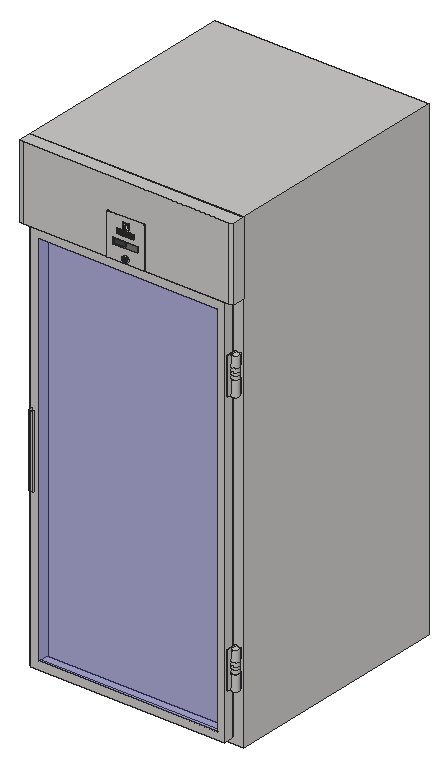
Revit family "QF_ELECTROLUXPROFESSIONAL_725102_RI16R1G", category Specialty Equipment, Revit 2018
Family settings
  Round Connector Dimension = Use Diameter
  Part Type = Normal
  Work Plane-Based = No
  Always vertical = Yes
  Cut with Voids When Loaded = No
  Shared = No
  Room Calculation Point = No
Parameters (values of type "Standard")
  Weight = 220.00 kg
  Watts = 0 W
  Volts = 220 V
  URL Manufacturer = "http://professional.electrolux.com"
  URL = "http://professional.electrolux.com"
  Steam Supply Size = 0 mm
  Steam Supply Minimum Pressure = 0.0 Pa
  Steam Supply Maximum Pressure = 0.0 Pa
  Steam Pounds per Hour = 0
  Refrigeration Suction Line Size = 0 mm
  Refrigeration Liquid Line Size = 0 mm
  Refrigerant Compressor Remote = yes
  Manufacturer = "Electrolux Professional"
  Phase = 1
  Model = "RI16R1G"
  Length Actual = 1021 mm  # constant formula
  Item Number = "725102"
  Hot Water Size = 0 mm
  Height Actual = 2273 mm  # constant formula
  HP = "0.8 HP"
  Gas Size = 0 mm
  Gas KW = 0
  Gas Input Pressure = 0 W
  Direct Waste Size = 0 mm
  Description = "1-GLASS DOOR ROLL-IN REFRIGERATOR 1600 LT+2°C R290"
  Depth Actual = 1175 mm  # constant formula
  Cycle = 50 Hz
  Condensate Return Size = 0 mm
  Compressed Air Volume = 0.0 L/s
  Compressed Air Size = 0 mm
  Compressed Air Pressure = 0.0 Pa
  Cold Water Size = 0 mm
  Accessory = yes
Types (2, lengths in mm): name | URL | Manufacturer | Phase | Model | Description
  (no name) | 0 | 0 | 0 | 0 | 0
  Standard | "http://professional.electrolux.com" | "Electrolux Professional" | 1 | "RI16R1G" | "1-GLASS DOOR ROLL-IN REFRIGERATOR 1600 LT+2°C R290"
Values of the unnamed type that differ from the named types
  Volts = 0 V
  URL Manufacturer = ""
  Item Number = ""
  Cycle = 0 Hz
Reference planes
  plane 1 "Center (Front/Back)": y = 0
  plane 2: z = 0
  plane 3 "Center (Left/Right)": x = 0
  plane 4 "TOP": z = 2273
  plane 5 "FRONT": y = -587.5
  plane 6 "BACK": y = 587.5
  plane 7 "LEFT": x = -510.5
  plane 8 "RIGHT": x = 510.5
  plane 9 "ROy": y = -397.5
  plane 10 "RIy": y = -393.5
  plane 11 "ROx": x = 394.5
  plane 12 "RIx": x = 332.5
  plane 13 "ROz": z = 2054
Forms (mm)
  Extrusion 1, solid, material "QF_Finishes_Stainless Steel"
    sketch origin (0, 0, 0) x (1, 0, 0) y (0, 1, 0)
      loop
        line (-510.5, 587.5) -> (-510.5, -515.5) -> (510.5, -515.5) -> (510.5, 587.5) -> (-510.5, 587.5)
    from 0 to 2273
  Extrusion 2, solid
    sketch origin (0, 587.5, 1872) x (-1, 0, 0) y (0, 0, 1)
      loop
        circle (494.5, 306) r 10
    from 0 to 3.2
  Extrusion 3, solid, material "QF_Clearances", detail levels coarse
    sketch origin (0, 0, 0) x (1, 0, 0) y (0, 1, 0)
      loop
        line (-510.5, -587.5) -> (-510.5, 587.5) -> (510.5, 587.5) -> (510.5, -587.5) -> (560.5, -587.5) -> (560.5, 637.5) -> (-560.5, 637.5) -> (-560.5, -587.5) -> (-510.5, -587.5)
    from 0 to 2273
  Extrusion 4, solid, material "QF_Clearances", detail levels coarse
    sketch origin (0, 0, 2273) x (-1, 0, 0) y (0, -1, 0)
      loop
        line (560.5, -637.5) -> (560.5, 587.5) -> (-560.5, 587.5) -> (-560.5, -637.5) -> (560.5, -637.5)
    from 0 to 500
  Extrusion 5, void
    sketch origin (0, 587.5, 0) x (-1, 0, 0) y (0, 0, 1)
      loop
        line (450.5, 1865) -> (-450.5, 1865) -> (-450.5, 5) -> (450.5, 5) -> (450.5, 1865)
    from -59 to -1084
  Extrusion 6, void
    sketch origin (0, -587.5, 0) x (-1, 0, 0) y (0, 0, 1)
      loop
        circle (493.5, 1667.453) r 6
      loop
        circle (493.5, 1647.453) r 6
      loop
        circle (493.5, 1545.547) r 6
      loop
        circle (493.5, 1525.547) r 6
      loop
        circle (493.5, 407.816) r 6
      loop
        circle (493.5, 387.816) r 6
      loop
        circle (493.5, 285.911) r 6
      loop
        circle (493.5, 265.911) r 6
    from 80 to 72
Cuts and joins
  joined: Extrusion 3, Extrusion 4
  Extrusion 5, Extrusion 6 cuts Extrusion 1
Lines and regions (mm)
  symbolic lines, style "QF_Clearances", detail levels coarse
    curve 1: line (-510.5, -587.5, 2273) -> (-560.5, -587.5, 2273)
    curve 2: line (-560.5, -587.5, 2273) -> (-560.5, 637.5, 2273)
    curve 3: line (-560.5, 637.5, 2273) -> (560.5, 637.5, 2273)
    curve 4: line (560.5, 637.5, 2273) -> (560.5, -587.5, 2273)
    curve 5: line (560.5, -587.5, 2273) -> (510.5, -587.5, 2273)
Dimensions and locks
  plane 6 "BACK" to plane 1 "Center (Front/Back)" to plane 5 "FRONT" = 587.5 mm, 587.5 mm
  equal spacing: plane 7 "LEFT", plane 3 "Center (Left/Right)", plane 8 "RIGHT"
  plane 7 "LEFT" to plane 8 "RIGHT" = 1021 mm
  plane 6 "BACK" to plane 5 "FRONT" = 1175 mm
  plane 4 "TOP" to plane 2 = 2273 mm
  equal spacing: plane 8 "RIGHT", plane 3 "Center (Left/Right)", plane 7 "LEFT"
  cut or joined group of Extrusion 1, Extrusion 5, Extrusion 6 to cut or joined group of Extrusion 1, Extrusion 5, Extrusion 6 = 901 mm
  cut or joined group of Extrusion 1, Extrusion 5, Extrusion 6 to cut or joined group of Extrusion 1, Extrusion 5, Extrusion 6 = 1044 mm
  plane 6 "BACK" to plane 10 "RIy" = 981 mm
  plane 6 "BACK" to plane 9 "ROy" = 985 mm
  plane 12 "RIx" to plane 11 "ROx" = 62 mm
  cut or joined group of Extrusion 1, Extrusion 5, Extrusion 6 to plane 13 "ROz" = 219 mm
  cut or joined group of Extrusion 3, Extrusion 4 to plane 4 "TOP" = 500 mm
  nested 1 to cut or joined group of Extrusion 1, Extrusion 5, Extrusion 6 = 1156 mm
  cut or joined group of Extrusion 3, Extrusion 4 to cut or joined group of Extrusion 1, Extrusion 5, Extrusion 6 = 50 mm
  cut or joined group of Extrusion 3, Extrusion 4 to plane 7 "LEFT" = 50 mm
  cut or joined group of Extrusion 1, Extrusion 5, Extrusion 6 to cut or joined group of Extrusion 3, Extrusion 4 = 50 mm
  plane 4 "TOP" to plane 13 "ROz" = 219 mm
  plane 11 "ROx" to plane 8 "RIGHT" = 116 mm
  plane 8 "RIGHT" to plane 7 "LEFT" = 1021 mm
  plane 6 "BACK" to nested 1 = 2080 mm
  aligned and locked: level to plane 2
Automatic sketch dimensions
  plane 7 "LEFT" to Extrusion 2 sketch curve = 16 mm
  Extrusion 4 sketch curve to plane 5 "FRONT" = 0 mm
  Extrusion 4 sketch curve to plane 8 "RIGHT" = 50 mm
  Extrusion 4 sketch curve to plane 7 "LEFT" = 50 mm
  plane 6 "BACK" to Extrusion 4 sketch curve = 50 mm
  Extrusion 1 sketch curve to plane 7 "LEFT" = 0 mm
  Extrusion 1 sketch curve to plane 8 "RIGHT" = 0 mm
  Extrusion 1 sketch curve to plane 6 "BACK" = 0 mm
  plane 5 "FRONT" to Extrusion 1 sketch curve = 72 mm
  Extrusion 2 sketch curve to plane 4 "TOP" = 95 mm
  Extrusion 3 sketch curve to plane 5 "FRONT" = 0 mm  (x2)
  Extrusion 3 sketch curve to plane 7 "LEFT" = 0 mm
  Extrusion 3 sketch curve to plane 6 "BACK" = 0 mm
  Extrusion 3 sketch curve to plane 8 "RIGHT" = 0 mm
  Extrusion 3 sketch curve to plane 7 "LEFT" = 50 mm
  Extrusion 3 sketch curve to plane 8 "RIGHT" = 50 mm
  plane 6 "BACK" to Extrusion 3 sketch curve = 50 mm
  level to Extrusion 5 sketch curve = 5 mm
  plane 8 "RIGHT" to Extrusion 5 sketch curve = 60 mm
  plane 7 "LEFT" to Extrusion 5 sketch curve = 60 mm
  Extrusion 5 sketch curve to plane 4 "TOP" = 408 mm
  curve 4 to plane 5 "FRONT" = 0 mm
  curve 5 to plane 8 "RIGHT" = 0 mm
  curve 1 to plane 5 "FRONT" = 0 mm
  curve 1 to plane 7 "LEFT" = 0 mm
  curve 4 to plane 8 "RIGHT" = 50 mm
  curve 2 to plane 7 "LEFT" = 50 mm
  plane 6 "BACK" to curve 4 = 50 mm
  plane 7 "LEFT" to Extrusion 6 sketch curve = 17 mm  (x8)
  level to Extrusion 6 sketch curve = 265.911 mm
  Extrusion 6 sketch curve to Extrusion 6 sketch curve = 20 mm  (x4)
  Extrusion 6 sketch curve to Extrusion 6 sketch curve = 101.905 mm  (x2)
  Extrusion 6 sketch curve to plane 13 "ROz" = 528.453 mm
  radius of Extrusion 2 sketch curve = 10 mm
  radius of Extrusion 6 sketch curve = 6 mm  (x8)
Nested families
  nested 1: "QF_725102_Door" at (0, -515.5, 1129.637) x (1, 0, 0) z (0, -1, 0), type "QF_725102_Door"
    with Show Clearance yes
  nested 2: "Refrigerator" at (370, -442.5, 110), type "Refrigerator"
Connectors
  electrical at (-494.5, 590.7, 2178), driven by "Volts"
    settings: on Extrusion 2, index 2, voltage 220 V, apparent load 0 VA, apparent load phase1 0 VA, apparent load phase2 0 VA, apparent load phase3 0 VA, power factor 1, load classification "Other", number of poles 1, system type 30, power factor state 1, is connector primary yes, connector utility no, sub classification motor no, connector description "Electrical Connection"
Definition of nested family "QF_725102_Door"
  Parameters
    Show Clearance [instance] = yes
    Model = "725102"
    Default Elevation = 1219.2 mm
  Reference planes
    plane 1 "Center (Front/Back)": y = 6.863
    plane 2: z = 0
    plane 3 "Center (Left/Right)": x = 0
  Forms (mm)
    Extrusion 1, solid
      sketch origin (0, -919.2, 0) x (1, 0, 0) y (0, 1, 0)
        loop
          line (-1100, 2726.7) -> (-1100, -663.873) -> (1016.701, -663.873) -> (1016.701, 2726.7) -> (-1100, 2726.7)
      from 0 to -59.546
    Extrusion 2, solid
      sketch origin (0, 6.863, 0) x (1, 0, 0) y (0, 0, 1)
        loop
          line (-510.5, 60.667) -> (-510.5, 0) -> (510.5, 0) -> (510.5, 60.667) -> (490.5, 66) -> (-490.5, 66) -> (-510.5, 60.667)
      from -1136.5 to -786.5
    Extrusion 3, solid
      sketch origin (0, 6.863, 0) x (1, 0, 0) y (0, 0, 1)
        loop
          line (-459.5, 0) -> (457.5, 0) -> (457.5, 8) -> (461.5, 8) -> (461.5, 53) -> (-463.5, 53) -> (-463.5, 8) -> (-459.5, 8) -> (-459.5, 0)
      from -775 to 1105
    Extrusion 4, solid, detail levels coarse
      sketch origin (154.5, 1013.369, -334) x (-1, 0, 0) y (0, 0, -1)
        loop
          line (-365, -352) -> (-365, -1311) -> (-312, -1311) -> (-312, -400) -> (-351, -400) -> (-351, -352) -> (-365, -352)
      from 2110.506 to 232.142
    Extrusion 5, solid, detail levels coarse
      sketch origin (171.5, 1121.732, -334) x (1, 0, 0) y (0, 0, 1)
        loop
          arc (295, 1311) -> (-326.913, 1017.03) -> (-631, 400) r 1044.143
          line (-631, 400) -> (295, 400) -> (295, 1311)
      from 2219.869 to 339.869
    Extrusion 6, solid
      sketch origin (-4, 6.863, 0) x (1, 0, 0) y (0, 0, 1)
        loop
          line (465.5, 46) -> (465.5, 0) -> (474.5, 0) -> (474.5, 46) -> (465.5, 46)
      from -550 to -375
    Extrusion 7, solid
      sketch origin (-4, 6.863, -15.333) x (1, 0, 0) y (0, 0, 1)
        loop
          arc (501.5, 23.843) -> (491.5, 52.333) -> (481.5, 23.843) r 16
          line (481.5, 23.843) -> (481.5, 15.333) -> (501.5, 15.333) -> (501.5, 23.843)
      from -500 to -550
    Extrusion 8, solid
      sketch origin (451.167, 6.863, 512.5) x (0, 0, -1) y (1, 0, 0)
        loop
          arc (501.5, 23.843) -> (491.5, 52.333) -> (481.5, 23.843) r 16
          line (481.5, 23.843) -> (481.5, 19.333) -> (501.5, 19.333) -> (501.5, 23.843)
      from -482 to -500
    Extrusion 9, solid
      sketch origin (-4, 6.863, -15.333) x (1, 0, 0) y (0, 0, 1)
        loop
          arc (501.5, 23.843) -> (491.5, 52.333) -> (481.5, 23.843) r 16
          line (481.5, 23.843) -> (481.5, 15.333) -> (501.5, 15.333) -> (501.5, 23.843)
      from -445 to -375
    Extrusion 10, solid
      sketch origin (451.167, 6.863, 512.5) x (0, 0, -1) y (1, 0, 0)
        loop
          arc (501.5, 23.843) -> (491.5, 52.333) -> (481.5, 23.843) r 16
          line (481.5, 23.843) -> (481.5, 19.333) -> (501.5, 19.333) -> (501.5, 23.843)
      from -469 to -482
    Extrusion 11, solid
      sketch origin (451.167, 6.863, 512.5) x (0, 0, -1) y (1, 0, 0)
        loop
          arc (501.5, 23.843) -> (491.5, 52.333) -> (481.5, 23.843) r 16
          line (481.5, 23.843) -> (481.5, 19.333) -> (501.5, 19.333) -> (501.5, 23.843)
      from -451 to -469
    Extrusion 12, solid
      sketch origin (-4, 6.863, 0) x (1, 0, 0) y (0, 0, 1)
        loop
          circle (491.5, 21) r 12
      from -451 to -445
    Extrusion 13, solid
      sketch origin (-4, -1252.773, 0) x (1, 0, 0) y (0, 0, 1)
        loop
          line (465.5, 46) -> (465.5, 0) -> (474.5, 0) -> (474.5, 46) -> (465.5, 46)
      from -550 to -375
    Extrusion 14, solid
      sketch origin (-4, -1252.773, -15.333) x (1, 0, 0) y (0, 0, 1)
        loop
          arc (501.5, 23.843) -> (491.5, 52.333) -> (481.5, 23.843) r 16
          line (481.5, 23.843) -> (481.5, 15.333) -> (501.5, 15.333) -> (501.5, 23.843)
      from -500 to -550
    Extrusion 15, solid
      sketch origin (451.167, -1252.773, 512.5) x (0, 0, -1) y (1, 0, 0)
        loop
          arc (501.5, 23.843) -> (491.5, 52.333) -> (481.5, 23.843) r 16
          line (481.5, 23.843) -> (481.5, 19.333) -> (501.5, 19.333) -> (501.5, 23.843)
      from -482 to -500
    Extrusion 16, solid
      sketch origin (-4, -1252.773, -15.333) x (1, 0, 0) y (0, 0, 1)
        loop
          arc (501.5, 23.843) -> (491.5, 52.333) -> (481.5, 23.843) r 16
          line (481.5, 23.843) -> (481.5, 15.333) -> (501.5, 15.333) -> (501.5, 23.843)
      from -445 to -375
    Extrusion 17, solid
      sketch origin (451.167, -1252.773, 512.5) x (0, 0, -1) y (1, 0, 0)
        loop
          arc (501.5, 23.843) -> (491.5, 52.333) -> (481.5, 23.843) r 16
          line (481.5, 23.843) -> (481.5, 19.333) -> (501.5, 19.333) -> (501.5, 23.843)
      from -469 to -482
    Extrusion 18, solid
      sketch origin (451.167, -1252.773, 512.5) x (0, 0, -1) y (1, 0, 0)
        loop
          arc (501.5, 23.843) -> (491.5, 52.333) -> (481.5, 23.843) r 16
          line (481.5, 23.843) -> (481.5, 19.333) -> (501.5, 19.333) -> (501.5, 23.843)
      from -451 to -469
    Extrusion 19, solid
      sketch origin (-4, -1252.773, 0) x (1, 0, 0) y (0, 0, 1)
        loop
          circle (491.5, 21) r 12
      from -451 to -445
    Extrusion 20, void
      sketch origin (0, 0, 0) x (1, 0, 0) y (0, 1, 0)
        loop
          line (-428.5, 746.863) -> (-428.5, -1063.137) -> (426.5, -1063.137) -> (426.5, 746.863) -> (-428.5, 746.863)
      from 0 to 66
    Extrusion 21, solid
      sketch origin (0, 0, 0) x (1, 0, 0) y (0, 1, 0)
        loop
          line (-428.5, 746.863) -> (-428.5, -1063.137) -> (426.5, -1063.137) -> (426.5, 746.863) -> (-428.5, 746.863)
      from 53 to 43
    Extrusion 22, solid
      sketch origin (0, -36.965, 0) x (0, 1, 0) y (0, 0, 1)
        loop
          line (43.082, 67.001) -> (-300.013, 67.001) -> (-300.759, 65.401) -> (43.829, 65.401) -> (43.082, 67.001)
      from -463.5 to -443.177
    Extrusion 23, void
      sketch origin (0, -36.965, 0) x (0, 1, 0) y (0, 0, 1)
        loop
          line (61.535, 13.875) -> (61.535, 48.875) -> (51.535, 48.875) -> (43.082, 67.001) -> (-300.013, 67.001) -> (-308.465, 48.875) -> (-318.465, 48.875) -> (-318.465, 13.875) -> (61.535, 13.875)
      from -459.5 to -463.5
    Extrusion 24, solid
      sketch origin (0, -36.965, 0) x (0, 1, 0) y (0, 0, 1)
        loop
          line (51.535, 48.875) -> (43.082, 67.001) -> (-300.013, 67.001) -> (-308.465, 48.875) -> (-318.465, 48.875) -> (-318.465, 13.875) -> (61.535, 13.875) -> (61.535, 48.875) -> (51.535, 48.875)
        loop
          circle (-273.41, 32.257) r 5.995
        loop
          circle (-273.41, 32.257) r 5
        loop
          circle (11.59, 32.257) r 6
        loop
          circle (11.59, 32.257) r 5
      from -463.5 to -459.5
    Extrusion 25, solid
      sketch origin (0, 0, 0) x (1, 0, 0) y (0, 1, 0)
        loop
          circle (-493.5, -721.821) r 6
        loop
          circle (-493.5, -741.821) r 6
        loop
          circle (-493.5, -863.726) r 6
        loop
          circle (-493.5, -843.726) r 6
      from -4 to -8
    Extrusion 26, solid
      sketch origin (0, 1259.637, 0) x (1, 0, 0) y (0, 1, 0)
        loop
          circle (-493.5, -721.821) r 6
        loop
          circle (-493.5, -741.821) r 6
        loop
          circle (-493.5, -863.726) r 6
        loop
          circle (-493.5, -843.726) r 6
      from -4 to -8
  Cuts and joins
    Extrusion 20, Extrusion 23 cuts Extrusion 3
    Extrusion 20 cuts Extrusion 5
    Extrusion 23 cuts Extrusion 21
    Extrusion 23 cuts Extrusion 22
    joined: Extrusion 22, Extrusion 24
  Lines and regions (mm)
    symbolic lines
      curve 1: line (-510.5, 6.863, 0) -> (-510.5, 6.863, 60.667)
      curve 2: line (510.5, 6.863, 0) -> (-510.5, 6.863, 0)
      curve 3: line (519.5, 6.863, 18) -> (519.5, 6.863, 977)
      curve 4: line (510.5, 6.863, 18) -> (519.5, 6.863, 18)
      curve 5: line (-490.5, 6.863, 66) -> (-510.5, 6.863, 60.667)
      curve 6: line (490.5, 6.863, 66) -> (-490.5, 6.863, 66)
      curve 7: line (510.5, 6.863, 60.667) -> (490.5, 6.863, 66)
      curve 8: line (510.5, 6.863, 60.667) -> (510.5, 6.863, 0)
      curve 9: line (466.5, 6.863, 66) -> (466.5, 6.863, 977)
      curve 10: line (519.5, 6.863, 977) -> (466.5, 6.863, 977)
      curve 11: arc (466.5, 6.863, 977) -> (-155.413, 6.863, 683.03) -> (-459.5, 6.863, 66) r 1044.143
  Dimensions and locks
    aligned and locked: plane 2 to Extrusion 1
    aligned and locked: level to Extrusion 1
  Nested families
    nested 1: "QF_DisplayNewRollCabinets_ELX" at (0, 893.363, 66), type "QF_DisplayNewRollCabinets_ELX"
      with Show Clearance yes
  Definition of nested family "QF_DisplayNewRollCabinets_ELX"
    Parameters
      Show Clearance [instance] = yes
      Model = "728658"
      Default Elevation = 1219.2 mm
    Reference planes
      plane 1 "Center (Front/Back)": y = 0
      plane 2: z = 0
      plane 3 "Center (Left/Right)": x = 0
    Forms (mm)
      Extrusion 1, solid
        sketch origin (0, -919.2, 0) x (1, 0, 0) y (0, 1, 0)
          loop
            line (-198.75, 1146.2) -> (-198.75, 709.567) -> (165.741, 709.567) -> (165.741, 1146.2) -> (-198.75, 1146.2)
        from 0 to -59.546
      Extrusion 2, solid
        sketch origin (-59, -79.611, 0) x (0, 1, 0) y (-1, 0, 0)
          loop
            circle (0.611, -59) r 14
          loop
            circle (0.611, -59) r 10
        from 1.6 to 6
      Extrusion 3, solid
        sketch origin (744.635, 285.889, 0) x (0, 1, 0) y (-1, 0, 0)
          loop
            circle (-364.889, 744.635) r 10
          loop
            circle (-364.889, 744.635) r 9
        from 1.6 to 6
      Extrusion 4, solid
        sketch origin (744.635, 285.889, 0) x (0, 1, 0) y (-1, 0, 0)
          loop
            circle (-364.889, 744.635) r 8.7
        from 1.6 to 6
      Extrusion 5, void
        sketch origin (744.635, 285.889, 0) x (0, 1, 0) y (-1, 0, 0)
          loop
            line (-372.339, 745.885) -> (-372.339, 743.385) -> (-362.339, 743.385) -> (-362.339, 745.885) -> (-372.339, 745.885)
        from 3 to 7
      Extrusion 6, solid
        sketch origin (0, 0, 0) x (1, 0, 0) y (0, 1, 0)
          loop
            arc (-90, -95) -> (-88.536, -98.536) -> (-85, -100) r 5
            line (-85, -100) -> (85, -100)
            arc (85, -100) -> (88.536, -98.536) -> (90, -95) r 5
            line (90, -95) -> (90, 95)
            arc (90, 95) -> (88.536, 98.536) -> (85, 100) r 5
            line (85, 100) -> (-85, 100)
            arc (-85, 100) -> (-88.536, 98.536) -> (-90, 95) r 5
            line (-90, 95) -> (-90, -95)
          loop
            line (-60, -3.798) -> (-60, -32.827) -> (60, -32.827) -> (60, -3.798) -> (-60, -3.798)
        from 0 to 1.6
      Extrusion 7, solid
        sketch origin (0, 0, 0) x (1, 0, 0) y (0, 1, 0)
          loop
            line (-60, -3.798) -> (-60, -32.827) -> (60, -32.827) -> (60, -3.798) -> (-60, -3.798)
          loop
            line (-56.428, -8.037) -> (-56.428, -28.331) -> (0, -28.331) -> (0, -8.037) -> (-56.428, -8.037)
        from 0 to 1.6
      Extrusion 8, solid
        sketch origin (0, 0, 0) x (1, 0, 0) y (0, 1, 0)
          loop
            line (-56.428, -8.037) -> (-56.428, -28.331) -> (0, -28.331) -> (0, -8.037) -> (-56.428, -8.037)
        from 0 to 1.6
      Extrusion 9, solid
        sketch origin (0, 0, 0) x (1, 0, 0) y (0, 1, 0)
          loop
            spline (-35.495, 30.517) -> (-35.679, 30.525) -> (-35.875, 30.55) -> (-36.078, 30.596) -> (-36.282, 30.665) -> (-36.483, 30.762) -> (-36.674, 30.888) -> (-36.851, 31.047) -> (-37.007, 31.242) -> (-37.138, 31.476) -> (-37.238, 31.752) -> (-37.302, 32.073) -> (-37.325, 32.443)
            line (-37.325, 32.443) -> (-37.325, 34.082) -> (-31.914, 34.082) -> (-31.914, 36.172) -> (-37.326, 36.172) -> (-37.326, 39.215) -> (-31.569, 39.215) -> (-31.569, 41.3) -> (-39.541, 41.3) -> (-39.541, 32.538)
            spline (-39.541, 32.538) -> (-39.521, 31.999) -> (-39.461, 31.491) -> (-39.359, 31.016) -> (-39.214, 30.575) -> (-39.026, 30.17) -> (-38.792, 29.803) -> (-38.513, 29.476) -> (-38.186, 29.19) -> (-37.811, 28.948) -> (-37.386, 28.75) -> (-36.91, 28.599) -> (-36.383, 28.497)
            line (-36.383, 28.497) -> (-35.513, 28.434) -> (-31.415, 28.434) -> (-31.415, 30.517) -> (-35.495, 30.517)
          loop
            line (-29.841, 35.221) -> (-29.841, 28.431) -> (-27.625, 28.431) -> (-27.625, 41.303) -> (-29.841, 41.303) -> (-29.841, 35.221)
          loop
            spline (-16.689, 32.543) -> (-16.674, 33.24) -> (-16.741, 33.914) -> (-16.887, 34.559) -> (-17.108, 35.168) -> (-17.403, 35.737) -> (-17.768, 36.257) -> (-18.2, 36.724) -> (-18.697, 37.131) -> (-19.255, 37.471) -> (-19.872, 37.739) -> (-20.545, 37.929) -> (-21.271, 38.033)
            spline (-21.271, 38.033) -> (-21.961, 37.993) -> (-22.617, 37.875) -> (-23.233, 37.682) -> (-23.805, 37.417) -> (-24.328, 37.083) -> (-24.797, 36.683) -> (-25.207, 36.219) -> (-25.554, 35.696) -> (-25.832, 35.116) -> (-26.036, 34.481) -> (-26.162, 33.795) -> (-26.206, 33.061)
            spline (-26.206, 33.061) -> (-26.164, 32.345) -> (-26.041, 31.676) -> (-25.841, 31.056) -> (-25.568, 30.489) -> (-25.226, 29.977) -> (-24.818, 29.524) -> (-24.348, 29.133) -> (-23.822, 28.805) -> (-23.241, 28.546) -> (-22.61, 28.357) -> (-21.934, 28.241) -> (-21.215, 28.202)
            spline (-21.215, 28.202) -> (-20.865, 28.21) -> (-20.518, 28.237) -> (-20.176, 28.283) -> (-19.837, 28.35) -> (-19.503, 28.441) -> (-19.173, 28.557) -> (-18.847, 28.699) -> (-18.525, 28.87) -> (-18.208, 29.07) -> (-17.895, 29.303) -> (-17.587, 29.569) -> (-17.283, 29.871)
            line (-17.283, 29.871) -> (-18.618, 31.17)
            spline (-18.618, 31.17) -> (-18.794, 31.001) -> (-18.971, 30.845) -> (-19.151, 30.704) -> (-19.334, 30.578) -> (-19.523, 30.465) -> (-19.72, 30.368) -> (-19.925, 30.284) -> (-20.141, 30.216) -> (-20.369, 30.163) -> (-20.61, 30.125) -> (-20.867, 30.102) -> (-21.141, 30.094)
            spline (-21.141, 30.094) -> (-21.542, 30.114) -> (-21.918, 30.172) -> (-22.268, 30.268) -> (-22.589, 30.399) -> (-22.881, 30.564) -> (-23.142, 30.762) -> (-23.37, 30.99) -> (-23.564, 31.248) -> (-23.721, 31.534) -> (-23.841, 31.846) -> (-23.921, 32.183) -> (-23.961, 32.543)
            line (-23.961, 32.543) -> (-16.689, 32.543)
          loop
            spline (-18.915, 34.101) -> (-18.937, 34.375) -> (-19, 34.638) -> (-19.101, 34.889) -> (-19.237, 35.124) -> (-19.407, 35.342) -> (-19.606, 35.538) -> (-19.833, 35.712) -> (-20.083, 35.859) -> (-20.355, 35.979) -> (-20.646, 36.067) -> (-20.952, 36.122) -> (-21.271, 36.141)
            spline (-21.271, 36.141) -> (-21.613, 36.123) -> (-21.943, 36.069) -> (-22.256, 35.981) -> (-22.552, 35.864) -> (-22.825, 35.717) -> (-23.075, 35.545) -> (-23.297, 35.35) -> (-23.49, 35.133) -> (-23.65, 34.897) -> (-23.774, 34.645) -> (-23.86, 34.379) -> (-23.905, 34.101)
            line (-23.905, 34.101) -> (-18.915, 34.101)
          loop
            spline (-13.301, 33.118) -> (-13.275, 33.53) -> (-13.201, 33.921) -> (-13.081, 34.288) -> (-12.918, 34.628) -> (-12.715, 34.938) -> (-12.475, 35.216) -> (-12.201, 35.459) -> (-11.896, 35.664) -> (-11.563, 35.828) -> (-11.205, 35.948) -> (-10.825, 36.023) -> (-10.425, 36.048)
            spline (-10.425, 36.048) -> (-10.18, 36.041) -> (-9.946, 36.018) -> (-9.721, 35.98) -> (-9.505, 35.928) -> (-9.298, 35.862) -> (-9.099, 35.782) -> (-8.908, 35.688) -> (-8.724, 35.581) -> (-8.547, 35.461) -> (-8.376, 35.329) -> (-8.211, 35.185) -> (-8.051, 35.028)
            line (-8.051, 35.028) -> (-6.678, 36.457)
            spline (-6.678, 36.457) -> (-6.951, 36.73) -> (-7.233, 36.975) -> (-7.522, 37.194) -> (-7.819, 37.386) -> (-8.123, 37.553) -> (-8.434, 37.695) -> (-8.751, 37.813) -> (-9.075, 37.908) -> (-9.404, 37.98) -> (-9.739, 38.031) -> (-10.08, 38.061) -> (-10.425, 38.07)
            spline (-10.425, 38.07) -> (-11.118, 38.028) -> (-11.781, 37.902) -> (-12.409, 37.698) -> (-12.996, 37.421) -> (-13.537, 37.075) -> (-14.024, 36.665) -> (-14.453, 36.196) -> (-14.817, 35.671) -> (-15.11, 35.097) -> (-15.327, 34.476) -> (-15.462, 33.815) -> (-15.508, 33.118)
            spline (-15.508, 33.118) -> (-15.462, 32.42) -> (-15.327, 31.759) -> (-15.11, 31.138) -> (-14.817, 30.564) -> (-14.453, 30.039) -> (-14.024, 29.57) -> (-13.537, 29.16) -> (-12.996, 28.814) -> (-12.409, 28.537) -> (-11.781, 28.333) -> (-11.118, 28.207) -> (-10.425, 28.165)
            spline (-10.425, 28.165) -> (-10.08, 28.174) -> (-9.739, 28.204) -> (-9.404, 28.255) -> (-9.075, 28.327) -> (-8.751, 28.422) -> (-8.434, 28.54) -> (-8.123, 28.682) -> (-7.819, 28.849) -> (-7.522, 29.041) -> (-7.233, 29.26) -> (-6.951, 29.505) -> (-6.678, 29.779)
            line (-6.678, 29.779) -> (-8.051, 31.207)
            spline (-8.051, 31.207) -> (-8.211, 31.05) -> (-8.376, 30.906) -> (-8.547, 30.774) -> (-8.724, 30.654) -> (-8.908, 30.547) -> (-9.099, 30.453) -> (-9.298, 30.373) -> (-9.505, 30.307) -> (-9.721, 30.255) -> (-9.946, 30.217) -> (-10.18, 30.194) -> (-10.425, 30.187)
            spline (-10.425, 30.187) -> (-10.825, 30.212) -> (-11.205, 30.287) -> (-11.563, 30.407) -> (-11.896, 30.571) -> (-12.201, 30.776) -> (-12.475, 31.019) -> (-12.715, 31.297) -> (-12.918, 31.607) -> (-13.081, 31.947) -> (-13.201, 32.314) -> (-13.275, 32.705) -> (-13.301, 33.118)
          loop
            spline (-1.029, 30.514) -> (-1.224, 30.511) -> (-1.433, 30.525) -> (-1.651, 30.562) -> (-1.872, 30.623) -> (-2.09, 30.713) -> (-2.301, 30.835) -> (-2.498, 30.992) -> (-2.675, 31.189) -> (-2.829, 31.429) -> (-2.952, 31.716) -> (-3.039, 32.053) -> (-3.086, 32.443)
            line (-3.086, 32.443) -> (-3.086, 35.726) -> (-1.07, 35.726) -> (-1.07, 37.739) -> (-3.083, 37.739) -> (-3.083, 41.303) -> (-5.299, 41.303) -> (-5.299, 32.317)
            spline (-5.299, 32.317) -> (-5.251, 31.795) -> (-5.165, 31.305) -> (-5.04, 30.847) -> (-4.875, 30.424) -> (-4.668, 30.037) -> (-4.418, 29.687) -> (-4.125, 29.377) -> (-3.788, 29.108) -> (-3.405, 28.881) -> (-2.975, 28.699) -> (-2.498, 28.562) -> (-1.972, 28.474)
            line (-1.972, 28.474) -> (-1.037, 28.431) -> (-1.029, 30.514)
          loop
            spline (6.427, 37.868) -> (6.044, 37.892) -> (5.675, 37.885) -> (5.321, 37.849) -> (4.984, 37.784) -> (4.663, 37.692) -> (4.362, 37.573) -> (4.079, 37.428) -> (3.817, 37.259) -> (3.576, 37.066) -> (3.358, 36.85) -> (3.163, 36.613) -> (2.992, 36.355)
            line (2.992, 36.355) -> (2.992, 37.739) -> (0.794, 37.739) -> (0.794, 28.431) -> (2.992, 28.431) -> (2.992, 33.325)
            spline (2.992, 33.325) -> (3.013, 33.696) -> (3.072, 34.042) -> (3.169, 34.362) -> (3.303, 34.653) -> (3.471, 34.915) -> (3.673, 35.147) -> (3.907, 35.346) -> (4.171, 35.513) -> (4.465, 35.644) -> (4.785, 35.74) -> (5.132, 35.799) -> (5.504, 35.818)
            line (5.504, 35.818) -> (6.427, 35.726) -> (6.427, 37.868)
          loop
            spline (16.924, 33.085) -> (16.877, 33.768) -> (16.743, 34.419) -> (16.525, 35.032) -> (16.231, 35.603) -> (15.866, 36.126) -> (15.437, 36.596) -> (14.949, 37.008) -> (14.409, 37.357) -> (13.823, 37.637) -> (13.196, 37.844) -> (12.535, 37.972) -> (11.845, 38.016)
            spline (11.845, 38.016) -> (11.152, 37.972) -> (10.488, 37.844) -> (9.86, 37.637) -> (9.273, 37.357) -> (8.733, 37.008) -> (8.246, 36.596) -> (7.818, 36.126) -> (7.455, 35.603) -> (7.163, 35.032) -> (6.946, 34.419) -> (6.812, 33.768) -> (6.766, 33.085)
            spline (6.766, 33.085) -> (6.812, 32.402) -> (6.946, 31.752) -> (7.163, 31.138) -> (7.455, 30.568) -> (7.818, 30.045) -> (8.246, 29.574) -> (8.733, 29.162) -> (9.273, 28.813) -> (9.86, 28.533) -> (10.488, 28.326) -> (11.152, 28.198) -> (11.845, 28.154)
            spline (11.845, 28.154) -> (12.535, 28.198) -> (13.196, 28.326) -> (13.823, 28.533) -> (14.409, 28.813) -> (14.949, 29.162) -> (15.437, 29.574) -> (15.866, 30.045) -> (16.231, 30.568) -> (16.525, 31.138) -> (16.743, 31.752) -> (16.877, 32.402) -> (16.924, 33.085)
          loop
            spline (14.726, 33.085) -> (14.7, 33.488) -> (14.625, 33.872) -> (14.504, 34.235) -> (14.34, 34.572) -> (14.136, 34.882) -> (13.895, 35.161) -> (13.62, 35.405) -> (13.315, 35.612) -> (12.981, 35.778) -> (12.623, 35.901) -> (12.244, 35.977) -> (11.845, 36.003)
            spline (11.845, 36.003) -> (11.443, 35.977) -> (11.061, 35.901) -> (10.702, 35.778) -> (10.368, 35.612) -> (10.063, 35.405) -> (9.789, 35.161) -> (9.549, 34.882) -> (9.346, 34.572) -> (9.184, 34.235) -> (9.064, 33.872) -> (8.99, 33.488) -> (8.965, 33.085)
            spline (8.965, 33.085) -> (8.99, 32.682) -> (9.064, 32.298) -> (9.184, 31.936) -> (9.346, 31.598) -> (9.549, 31.288) -> (9.789, 31.01) -> (10.063, 30.765) -> (10.368, 30.558) -> (10.702, 30.392) -> (11.061, 30.269) -> (11.443, 30.193) -> (11.845, 30.167)
            spline (11.845, 30.167) -> (12.244, 30.193) -> (12.623, 30.269) -> (12.981, 30.392) -> (13.315, 30.558) -> (13.62, 30.765) -> (13.895, 31.01) -> (14.136, 31.288) -> (14.34, 31.598) -> (14.504, 31.936) -> (14.625, 32.298) -> (14.7, 32.682) -> (14.726, 33.085)
          loop
            line (18.286, 35.443) -> (18.286, 28.431) -> (20.504, 28.431) -> (20.504, 41.303) -> (18.286, 41.303) -> (18.286, 35.443)
          loop
            line (28.496, 37.739) -> (28.496, 32.328)
            spline (28.496, 32.328) -> (28.478, 31.977) -> (28.426, 31.659) -> (28.342, 31.376) -> (28.228, 31.126) -> (28.085, 30.908) -> (27.916, 30.721) -> (27.723, 30.566) -> (27.508, 30.44) -> (27.273, 30.344) -> (27.019, 30.276) -> (26.748, 30.236) -> (26.464, 30.223)
            spline (26.464, 30.223) -> (26.18, 30.236) -> (25.909, 30.276) -> (25.656, 30.344) -> (25.42, 30.44) -> (25.205, 30.564) -> (25.012, 30.719) -> (24.843, 30.904) -> (24.701, 31.12) -> (24.587, 31.368) -> (24.503, 31.648) -> (24.451, 31.962) -> (24.433, 32.309)
            line (24.433, 32.309) -> (24.433, 37.739) -> (22.198, 37.739) -> (22.198, 32.125)
            spline (22.198, 32.125) -> (22.238, 31.488) -> (22.352, 30.91) -> (22.537, 30.388) -> (22.786, 29.923) -> (23.095, 29.514) -> (23.456, 29.16) -> (23.866, 28.863) -> (24.319, 28.62) -> (24.808, 28.432) -> (25.33, 28.298) -> (25.877, 28.218) -> (26.446, 28.191)
            spline (26.446, 28.191) -> (27.019, 28.218) -> (27.571, 28.299) -> (28.097, 28.435) -> (28.591, 28.626) -> (29.047, 28.872) -> (29.46, 29.174) -> (29.825, 29.532) -> (30.136, 29.947) -> (30.387, 30.419) -> (30.574, 30.948) -> (30.69, 31.535) -> (30.729, 32.18)
            line (30.729, 32.18) -> (30.729, 37.739) -> (28.496, 37.739)
          loop
            line (39.115, 31.408) -> (37.717, 33.362) -> (39.448, 35.719) -> (40.93, 37.739) -> (38.511, 37.739) -> (36.497, 34.95) -> (34.466, 37.739) -> (32.065, 37.739) -> (33.442, 35.856) -> (35.279, 33.344) -> (33.354, 30.663) -> (31.751, 28.431) -> (34.134, 28.431) -> (36.497, 31.719) -> (38.861, 28.431) -> (41.244, 28.431) -> (39.115, 31.408)
          loop
            line (-38.295, 23.783) -> (-40.009, 23.783) -> (-40.009, 19.333) -> (-39.095, 19.333) -> (-39.095, 20.841) -> (-38.295, 20.841)
            arc (-38.295, 20.841) -> (-36.824, 22.312) -> (-38.295, 23.783) r 1.471
          loop
            arc (-38.234, 21.69) -> (-37.702, 22.312) -> (-38.234, 22.934) r 0.63
            line (-38.234, 22.934) -> (-39.095, 22.934) -> (-39.095, 21.69) -> (-38.234, 21.69)
          loop
            line (-31.313, 23.783) -> (-33.058, 23.783) -> (-33.058, 19.333) -> (-32.144, 19.333) -> (-32.144, 20.866) -> (-31.349, 20.866) -> (-30.568, 19.333) -> (-29.53, 19.333) -> (-30.598, 21.091)
            arc (-30.598, 21.091) -> (-30.04, 21.611) -> (-29.845, 22.348) r 1.374
            arc (-29.845, 22.348) -> (-30.287, 23.365) -> (-31.313, 23.783) r 1.469
          loop
            line (-31.332, 22.942) -> (-32.144, 22.942) -> (-32.144, 21.7) -> (-31.332, 21.7)
            arc (-31.332, 21.7) -> (-30.827, 22.321) -> (-31.332, 22.942) r 0.634
          loop
            circle (-23.849, 21.558) r 2.311
          loop
            circle (-23.849, 21.558) r 1.467
          loop
            line (-17.711, 23.783) -> (-17.711, 19.333) -> (-16.796, 19.333) -> (-16.796, 21.162) -> (-15.122, 21.162) -> (-15.122, 22.003) -> (-16.796, 22.003) -> (-16.796, 22.942) -> (-14.961, 22.942) -> (-14.961, 23.783) -> (-17.711, 23.783)
          loop
            line (-11.187, 23.783) -> (-11.187, 20.776)
            arc (-11.187, 20.776) -> (-10.776, 19.757) -> (-9.763, 19.333) r 1.424
            line (-9.763, 19.333) -> (-8.326, 19.333) -> (-8.326, 20.174) -> (-9.388, 20.174)
            arc (-9.388, 20.174) -> (-10.074, 20.494) -> (-10.272, 21.224) r 0.897
            line (-10.272, 21.224) -> (-8.492, 21.224) -> (-8.492, 22.065) -> (-10.272, 22.065) -> (-10.272, 22.942) -> (-8.369, 22.942) -> (-8.369, 23.783) -> (-11.187, 23.783)
          loop
            line (-2.341, 22.616) -> (-1.684, 23.067)
            arc (-1.684, 23.067) -> (-2.293, 23.661) -> (-3.121, 23.857) r 1.593
            arc (-3.121, 23.857) -> (-3.842, 23.672) -> (-4.423, 23.206) r 1.765
            arc (-4.423, 23.206) -> (-4.501, 22.623) -> (-4.383, 22.046) r 1.775
            arc (-4.383, 22.046) -> (-3.986, 21.617) -> (-3.47, 21.346) r 1.724
            arc (-3.47, 21.346) -> (-3.071, 21.188) -> (-2.688, 20.994) r 4.507
            arc (-2.688, 20.994) -> (-2.464, 20.43) -> (-2.973, 20.098) r 0.479
            arc (-2.973, 20.098) -> (-3.616, 20.315) -> (-4.111, 20.78) r 1.593
            line (-4.111, 20.78) -> (-4.81, 20.341)
            arc (-4.81, 20.341) -> (-4.533, 19.884) -> (-4.129, 19.534) r 1.711
            arc (-4.129, 19.534) -> (-3.616, 19.315) -> (-3.061, 19.259) r 1.845
            arc (-3.061, 19.259) -> (-2.375, 19.396) -> (-1.757, 19.724) r 2.41
            arc (-1.757, 19.724) -> (-1.484, 20.45) -> (-1.625, 21.213) r 1.447
            arc (-1.625, 21.213) -> (-1.929, 21.564) -> (-2.319, 21.818) r 1.678
            arc (-2.319, 21.818) -> (-2.811, 22.038) -> (-3.316, 22.227) r 8.836
            arc (-3.316, 22.227) -> (-3.607, 22.681) -> (-3.186, 23.017) r 0.402
            arc (-3.186, 23.017) -> (-2.717, 22.913) -> (-2.341, 22.616) r 1.07
          loop
            line (9.023, 23.783) -> (9.023, 19.333) -> (9.938, 19.333) -> (9.938, 23.783) -> (9.023, 23.783)
          loop
            circle (16.107, 21.558) r 1.384
          loop
            circle (16.107, 21.558) r 2.311
          loop
            line (22.245, 19.333) -> (23.169, 19.333) -> (23.169, 22.131) -> (25.205, 19.333) -> (26.094, 19.333) -> (26.094, 23.783) -> (25.17, 23.783) -> (25.17, 20.9) -> (23.135, 23.783) -> (22.245, 23.783) -> (22.245, 19.333)
          loop
            line (30.707, 19.333) -> (31.141, 20.293) -> (32.787, 20.293) -> (33.22, 19.333) -> (34.204, 19.333) -> (31.937, 23.783) -> (29.725, 19.333) -> (30.707, 19.333)
          loop
            line (31.964, 22.119) -> (31.552, 21.206) -> (32.376, 21.206) -> (31.964, 22.119)
          loop
            line (38.748, 20.174) -> (38.748, 23.783) -> (37.833, 23.783) -> (37.833, 19.333) -> (40.459, 19.333) -> (40.459, 20.174) -> (38.748, 20.174)
          loop
            line (-14.216, 47.398) -> (14.216, 47.398) -> (14.216, 75.792) -> (-14.216, 75.792) -> (-14.216, 47.398)
          loop
            line (3.797, 74.398) -> (3.797, 48.85)
            arc (3.797, 48.85) -> (13.241, 61.624) -> (3.797, 74.398) r 13.361
          loop
            line (2.497, 72.548) -> (2.497, 74.398)
            arc (2.497, 74.398) -> (-8.128, 71.983) -> (-13.247, 62.364) r 13.094
            line (-13.247, 62.364) -> (-9.02, 62.364)
            arc (-9.02, 62.364) -> (-1.469, 65.429) -> (2.497, 72.548) r 12.273
          loop
            arc (-13.247, 60.883) -> (-8.136, 51.185) -> (2.497, 48.522) r 13.436
            line (2.497, 48.522) -> (2.497, 50.7)
            arc (2.497, 50.7) -> (-1.469, 57.818) -> (-9.02, 60.883) r 12.273
            line (-9.02, 60.883) -> (-13.247, 60.883)
          loop
            line (4.381, 22.616) -> (5.039, 23.067)
            arc (5.039, 23.067) -> (4.429, 23.661) -> (3.601, 23.857) r 1.593
            arc (3.601, 23.857) -> (2.88, 23.672) -> (2.299, 23.206) r 1.765
            arc (2.299, 23.206) -> (2.221, 22.623) -> (2.339, 22.046) r 1.775
            arc (2.339, 22.046) -> (2.736, 21.617) -> (3.252, 21.346) r 1.724
            arc (3.252, 21.346) -> (3.651, 21.188) -> (4.034, 20.994) r 4.507
            arc (4.034, 20.994) -> (4.258, 20.43) -> (3.75, 20.098) r 0.479
            arc (3.75, 20.098) -> (3.106, 20.315) -> (2.611, 20.78) r 1.593
            line (2.611, 20.78) -> (1.912, 20.341)
            arc (1.912, 20.341) -> (2.189, 19.884) -> (2.594, 19.534) r 1.711
            arc (2.594, 19.534) -> (3.106, 19.315) -> (3.661, 19.259) r 1.845
            arc (3.661, 19.259) -> (4.347, 19.396) -> (4.965, 19.724) r 2.41
            arc (4.965, 19.724) -> (5.238, 20.45) -> (5.097, 21.213) r 1.447
            arc (5.097, 21.213) -> (4.793, 21.564) -> (4.403, 21.818) r 1.678
            arc (4.403, 21.818) -> (3.911, 22.038) -> (3.406, 22.227) r 8.836
            arc (3.406, 22.227) -> (3.115, 22.681) -> (3.536, 23.017) r 0.402
            arc (3.536, 23.017) -> (4.005, 22.913) -> (4.381, 22.616) r 1.07
        from 1.6 to 3.2
      Extrusion 10, solid
        sketch origin (0, 0, 0) x (1, 0, 0) y (0, 1, 0)
          loop
            line (1.25, -86.45) -> (1.25, -76.45) -> (-1.25, -76.45) -> (-1.25, -86.45) -> (1.25, -86.45)
        from 1.6 to 6
    Cuts and joins
      Extrusion 5 cuts Extrusion 4
    Lines and regions (mm)
      symbolic lines
        curve 1: line (52.518, 0, 4) -> (-53.037, 0, 4)
        curve 2: line (40, 0, 4) -> (40, 0, 6)
        curve 3: line (40, 0, 6) -> (-40, 0, 6)
        curve 4: line (-40, 0, 6) -> (-40, 0, 4)
        curve 5: line (-64.765, 0, 0) -> (-53.037, 0, 4)
        curve 6: line (52.518, 0, 4) -> (64.135, 0, 0)
    Dimensions and locks
      aligned and locked: plane 2 to Extrusion 1
      aligned and locked: level to Extrusion 1
Definition of nested family "Refrigerator"
  Reference planes
    plane 1 "Center (Front/Back)": y = 0
    plane 2: z = 0
    plane 3 "Center (Left/Right)": x = 0
  Lines and regions (mm)
    detail lines, in view "Ref. Level"
      curve 1: spline (-500, 190, 0) -> (-493.185, 166.706, 0) -> (-473.205, 145, 0) -> (-441.421, 126.36, 0) -> (-400, 112.058, 0) -> (-351.764, 103.067, 0) -> (-300, 100, 0) -> (-248.236, 103.067, 0) -> (-200, 112.058, 0) -> (-158.579, 126.36, 0) -> (-126.795, 145, 0) -> (-106.815, 166.706, 0) -> (-100, 190, 0) -> (-106.815, 213.294, 0) -> (-126.795, 235, 0) -> (-158.579, 253.64, 0) -> (-200, 267.942, 0) -> (-248.236, 276.933, 0) -> (-300, 280, 0) -> (-351.764, 276.933, 0) -> (-400, 267.942, 0) -> (-441.421, 253.64, 0) -> (-473.205, 235, 0) -> (-493.185, 213.294, 0) -> (-500, 190, 0)
      curve 2: line (-300, 130, 0) -> (-300, 250, 0)
      curve 3: line (-351.962, 220, 0) -> (-248.038, 160, 0)
      curve 4: line (-351.962, 160, 0) -> (-248.038, 220, 0)
      curve 5: line (-280.884, 246.873, 0) -> (-300, 225, 0)
      curve 6: line (-300, 225, 0) -> (-319.116, 246.873, 0)
      curve 7: line (-330.311, 207.5, 0) -> (-339.696, 234.992, 0)
      curve 8: line (-358.812, 201.882, 0) -> (-330.311, 207.5, 0)
      curve 9: line (-330.311, 172.5, 0) -> (-358.812, 178.118, 0)
      curve 10: line (-339.696, 145.008, 0) -> (-330.311, 172.5, 0)
      curve 11: line (-300, 155, 0) -> (-319.116, 133.127, 0)
      curve 12: line (-280.884, 133.127, 0) -> (-300, 155, 0)
      curve 13: line (-269.689, 172.5, 0) -> (-260.304, 145.008, 0)
      curve 14: line (-241.188, 178.118, 0) -> (-269.689, 172.5, 0)
      curve 15: line (-269.689, 207.5, 0) -> (-241.188, 201.882, 0)
      curve 16: line (-260.304, 234.992, 0) -> (-269.689, 207.5, 0)
